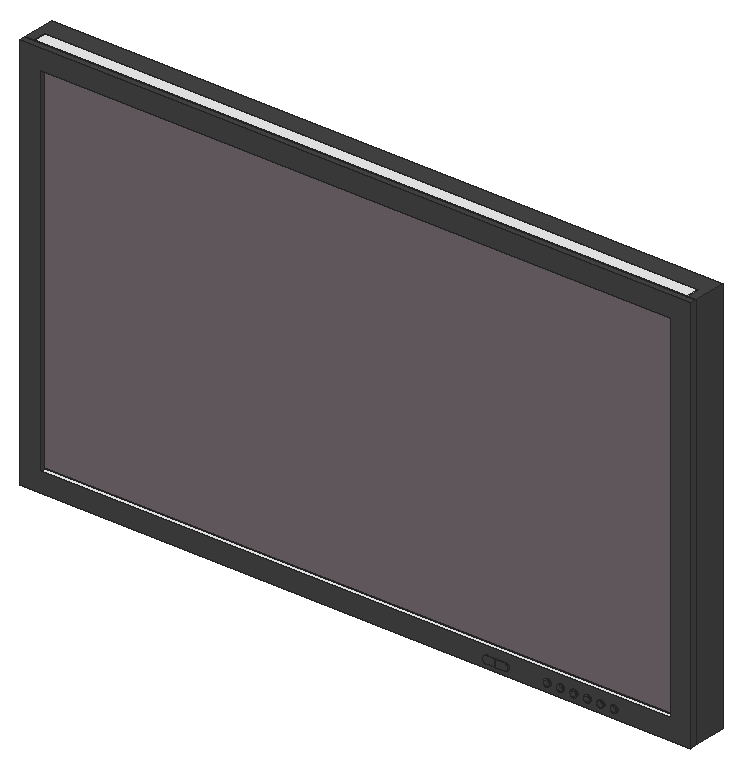
Revit family
Parameters (values of type "KO-M.E General elec pdp SPD-63P3H1W W1504*D894*H89")
  Assembly Code = ""
  Manufacturer = "samsung"
  Model = "SPD-63P3H1W"
  scrin material = Stainless Steel, polished 2-1
  frame material = frame
  face material = Stainless Steel, polished 2-1
  button material = black plastic
Reference planes
  plane 1 "중심(앞/뒤)": y = 0
  plane 2: z = 0
  plane 3 "중심(왼쪽/오른쪽)": x = 0
  plane 4: z = 894
  plane 5: x = -752
  plane 6: x = 752
  plane 7: y = 44.5
  plane 8: y = -44.5
Forms (mm)
  Sweep 1, solid, material "frame"
    path origin (0, 0, 0) x (1, 0, 0) y (0, 0, 1)
      loop
        line (-752, 894) -> (-752, 0) -> (752, 0) -> (752, 894) -> (-752, 894)
    profile origin (0, 0, 0) x (0, 0, 1) y (0, -1, 0)
      loop
        line (894, 44.5) -> (849, 44.5) -> (873.46, 30.378) -> (894, 30.378) -> (894, 44.5)
  Extrusion 2, solid, material "black plastic" <- "button material"
    sketch origin (0, 0, 5) x (1, 0, 0) y (0, 0, 1)
      loop
        circle (430.226, 13.751) r 7.621
      loop
        circle (460.226, 13.751) r 7.621
      loop
        circle (490.226, 13.751) r 7.621
      loop
        circle (520.226, 13.751) r 7.621
      loop
        circle (550.226, 13.751) r 7.621
      loop
        circle (580.226, 13.751) r 7.621
    from 44.5 to 47.186
  Extrusion 3, solid, material "frame"
    sketch origin (0, 0, 0) x (1, 0, 0) y (0, 1, 0)
      loop
        line (-752, -30.378) -> (-731.46, -30.378) -> (-731.46, 0) -> (731.46, 0) -> (731.46, -30.378) -> (752, -30.378) -> (752, 44.5) -> (-752, 44.5) -> (-752, -30.378)
    from 0 to 894
  Extrusion 4, solid, material "Stainless Steel, polished 2-1"
    sketch origin (0, 0, 0) x (0, 1, 0) y (0, 0, 1)
      loop
        line (0, 21.372) -> (-30.378, 21.372) -> (-30.378, 0) -> (0, 0) -> (0, 21.372)
      loop
        line (0, 873.083) -> (0, 894.455) -> (-30.378, 894.455) -> (-30.378, 873.083) -> (0, 873.083)
    from -731.46 to 731.46
  Extrusion 5, solid, material "black plastic" <- "button material"
    sketch origin (0, 0, 0) x (1, 0, 0) y (0, 0, 1)
      loop
        arc (296.447, 26.609) -> (288.249, 18.411) -> (296.447, 10.213) r 8.198
        line (296.447, 10.213) -> (313.73, 10.213) -> (313.73, 26.609) -> (296.447, 26.609)
      loop
        line (335.983, 26.609) -> (317.794, 26.609) -> (317.794, 10.213) -> (335.983, 10.213)
        arc (335.983, 10.213) -> (344.181, 18.411) -> (335.983, 26.609) r 8.198
    from 44.5 to 47.186
  Sweep 6, void
    path origin (0, 0, 0) x (1, 0, 0) y (0, 0, 1)
      loop
        circle (430.226, 18.751) r 7.621
    profile origin (430.226, 0, 0) x (0, 0, -1) y (0, -1, 0)
      loop
        line (-26.372, 47.186) -> (-26.372, 46.186) -> (-25.372, 47.186) -> (-26.372, 47.186)
  Sweep 7, void
    path origin (0, 0, 0) x (1, 0, 0) y (0, 0, 1)
      loop
        circle (460.226, 18.751) r 7.621
    profile origin (460.226, 0, 0) x (0, 0, -1) y (0, -1, 0)
      loop
        line (-26.372, 46.186) -> (-25.372, 47.186) -> (-26.372, 47.186) -> (-26.372, 46.186)
  Sweep 8, void
    path origin (0, 0, 0) x (1, 0, 0) y (0, 0, 1)
      loop
        circle (490.226, 18.751) r 7.621
    profile origin (490.226, 0, 0) x (0, 0, -1) y (0, -1, 0)
      loop
        line (-26.372, 46.186) -> (-25.372, 47.186) -> (-26.372, 47.186) -> (-26.372, 46.186)
  Sweep 9, void
    path origin (0, 0, 0) x (1, 0, 0) y (0, 0, 1)
      loop
        circle (520.226, 18.751) r 7.621
    profile origin (520.226, 0, 0) x (0, 0, -1) y (0, -1, 0)
      loop
        line (-26.372, 46.186) -> (-25.372, 47.186) -> (-26.372, 47.186) -> (-26.372, 46.186)
  Sweep 10, void
    path origin (0, 0, 0) x (1, 0, 0) y (0, 0, 1)
      loop
        circle (550.226, 18.751) r 7.621
    profile origin (550.226, 0, 0) x (0, 0, -1) y (0, -1, 0)
      loop
        line (-26.372, 46.186) -> (-25.372, 47.186) -> (-26.372, 47.186) -> (-26.372, 46.186)
  Sweep 11, void
    path origin (0, 0, 0) x (1, 0, 0) y (0, 0, 1)
      loop
        circle (580.226, 18.751) r 7.621
    profile origin (580.226, 0, 0) x (0, 0, -1) y (0, -1, 0)
      loop
        line (-26.372, 46.186) -> (-25.372, 47.186) -> (-26.372, 47.186) -> (-26.372, 46.186)
  Extrusion 12, solid, material "화면"
    sketch origin (0, 0, 0) x (1, 0, 0) y (0, 1, 0)
      loop
        line (-707, 0) -> (-707, -30.358) -> (707, -30.358) -> (707, 0) -> (-707, 0)
    from 45 to 849
Cuts and joins
  Sweep 6, Sweep 7, Sweep 8, Sweep 9, Sweep 10, Sweep 11 cuts Sweep 1
  Sweep 6, Sweep 7, Sweep 8, Sweep 9, Sweep 10, Sweep 11 cuts Extrusion 2
  Sweep 6, Sweep 7, Sweep 8, Sweep 9, Sweep 10, Sweep 11 cuts Extrusion 3
  Sweep 6, Sweep 7, Sweep 8, Sweep 9, Sweep 10, Sweep 11 cuts Extrusion 4
  Sweep 6, Sweep 7, Sweep 8, Sweep 9, Sweep 10, Sweep 11 cuts Extrusion 5
Lines and regions (mm)
  symbolic lines, style "점선"
    curve 1: line (-752, 44.5, 0) -> (752, 44.5, 0)
    curve 2: line (-752, -44.5, 0) -> (-752, 44.5, 0)
    curve 3: line (752, -44.5, 0) -> (-752, -44.5, 0)
    curve 4: line (752, 44.5, 0) -> (752, -44.5, 0)
